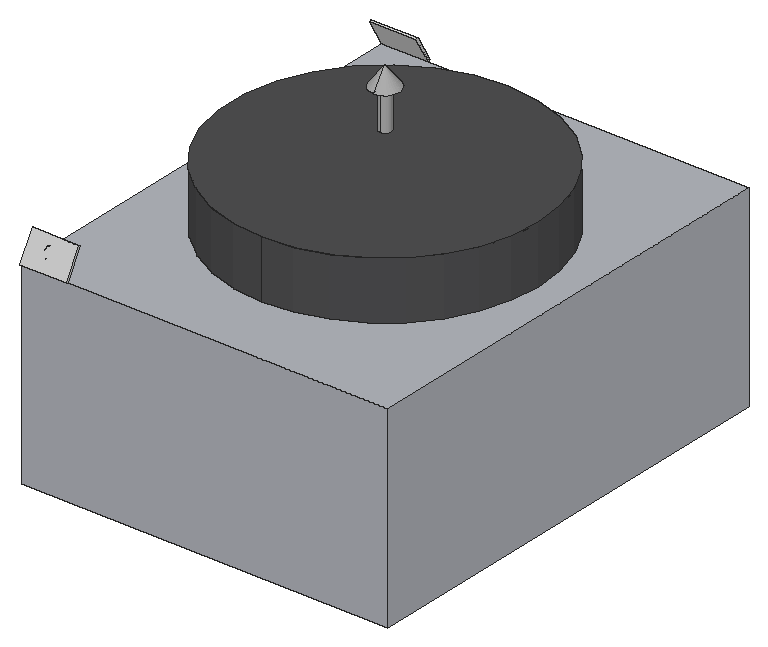
Revit family "CARRIER_FAMILY_TEMPLATE", category Equipement de génie climatique, Revit 2023
Family settings
  Cote de connecteur circulaire = Utiliser le diamètre
  Type d'élément = Normal
  Numéro OmniClass = 23.75.00.00
  Titre OmniClass = Climate Control (HVAC)
  Basée sur le plan de construction = Non
  Toujours verticalement = Oui
  Couper avec des vides une fois chargée = Non
  Conserver l'orientation des annotations = Non
  Partagée = Non
  Repère de localisation dans la pièce = Non
Parameters
  URL = "https://digilink.ciat.com/?productLine=Dry%20coolers&documentName=Revit%20Drawings&docName=Opera&language=en"
  Type IFC Predefined Type = ""
  Note d'identification = "15700"
  Model = "OPERA"
  Manufacturer = "CIAT"
  Exporter le type au format IFC sous = "IfcUnitaryEquipmentType"
  Default Elevation = 0 mm
  Description = "Drycooler"
  Type Comments = "OPERA DMN 9034-1 SHI 890A9D 12A1"
  Assembly Code = "_"
  Référence = ""
  Reference Interne = ""
  Puissance thermique circuit 1 = 200000 W
Reference planes
  plane 1 "Centre (avant/arrière)": y = 0
  plane 2: z = 0
  plane 3 "Centre (gauche/droite)": x = 0
Forms (mm)
  Extrusion 1, solid, material "C_RGB150150150"
    sketch origin (0, 0, 480) x (0, 1, 0) y (-1, 0, 0)
      loop
        circle (0, 0) r 15
    from 0 to 100
  Revolve 2, solid, material "C_RGB150150150"
    sketch origin (0, 0, 580) x (0, 0, 1) y (0, -1, 0)
      loop
        line (0, 0) -> (50, 0) -> (0, 37.5) -> (0, 0)
      axis (0, 0) -> (50, 0)
    angle from 0 to 360
  Extrusion 3, solid, material "C_RGB200200200"
    sketch origin (-415, 567.165, 290.891) x (0, 0.5, -0.866025) y (0, -0.866025, -0.5)
      loop
        line (-40, -2.5) -> (40, -2.5) -> (40, 2.5) -> (-40, 2.5) -> (-40, -2.5)
    from -60 to 60
  Extrusion 4, void, material "C_RGB200200200", detail levels 
    sketch origin (-415, 564.665, 295.221) x (0, -0.5, 0.866025) y (-1, 0, 0)
      loop
        circle (0, 0) r 15.25
    from -1.25 to 1.25
  Extrusion 5, solid, material "C_RGB200200200"
    sketch origin (-415, -567.165, 290.891) x (0, -0.5, -0.866025) y (0, 0.866025, -0.5)
      loop
        line (-40, -2.5) -> (40, -2.5) -> (40, 2.5) -> (-40, 2.5) -> (-40, -2.5)
    from -60 to 60
  Extrusion 6, void, material "C_RGB200200200", detail levels 
    sketch origin (-415, -564.665, 295.221) x (0, 0.5, 0.866025) y (1, 0, 0)
      loop
        circle (0, 0) r 15.25
    from -1.25 to 1.25
  Extrusion 7, solid, material "C_9005"
    sketch origin (0, 0, 255) x (0, 1, 0) y (-1, 0, 0)
      loop
        circle (0, 0) r 400
    from 0 to 150
  Extrusion 8, solid, material "C_GALVA"
    sketch origin (0, 0, 0) x (0, 1, 0) y (-1, 0, 0)
      loop
        line (-585, 475) -> (-585, -475) -> (585, -475) -> (585, 475) -> (-585, 475)
    from -255 to 255
Cuts and joins
  Extrusion 4 cuts Extrusion 3
  Extrusion 6 cuts Extrusion 5
Dimensions and locks
  aligned and locked: level to plane 2
